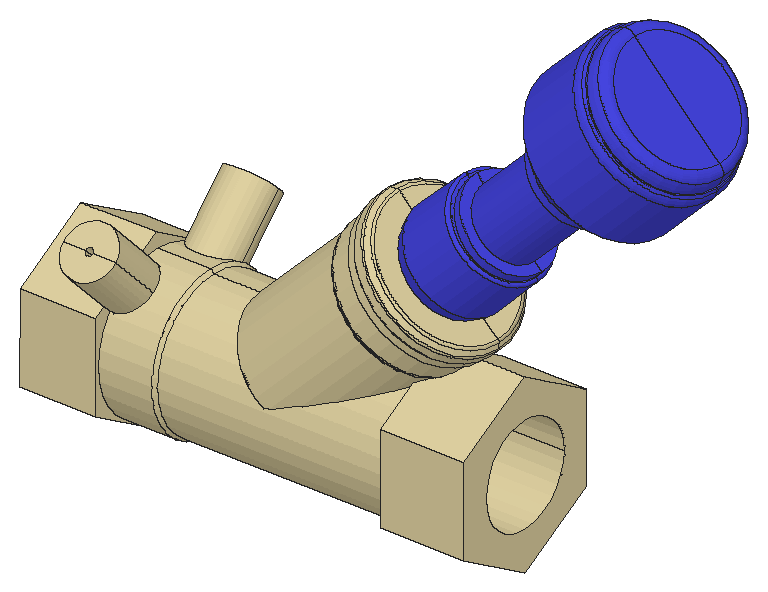
Revit family "DA02760000", category Apparecchi idraulici, Revit 2020
Family settings
  Quota connettore circolare = Usa diametro
  Tipo di parte = Normale
  Numero OmniClass = 23.45.00.00
  Titolo OmniClass = Sanitary, Laundry, and Cleaning Equipment
  Basato su piano di lavoro = No
  Sempre verticale = Sì
  Taglio con vuoti quando caricato = No
  Condiviso = No
  Punto di calcolo locali = No
Parameters
  URL = "https://web.cimberio.com/index.php/figura/664?subcategoria_id=20488"
  Temperatura di esercizio = "-10 ÷ 120°C"
  Prospetto di default = 0 mm
  Produttore = "CIMBERIO SPA"
  Pressione nominale = "PN 25"
  Modello = "Cim 745"
  Materiale = "Prodotto in lega di ottone “CR” – “DZR\" conforme alla norma EN 1982-CC770S"
  Descrizione = "Utilizzato nei più svariati settori dell'impiantistica: impianti di riscaldamento, condizionamento, idrici, igienico-sanitari e in generale con ogni fluido non corrosivo"
  DN Model [instance] = DA02761032 : DA02761032
  DN [instance] = 32 mm
  Commenti sul tipo = "Realizzato in ottemperanza ai requisiti gestionali della norma EN ISO 9001.\r\nCollaudato al 100% secondo la normativa EN 12266-1"
Reference planes
  plane 1 "Centro (Fronte/Retro)": y = 0
  plane 2: z = 0
  plane 3 "Centro (Sinistra/Destra)": x = 0
Dimensions and locks
  aligned and locked: level to plane 2
Nested families
  nested 1: "DA02761032" at (0, 0, 0), type <- "DN Model", type "DA02761032"
  nested 2: "DA02761032" at (0, 0, 0), type <- "DN Model", type "DA02761032"
  nested 3: "DA02761032" at (0, 0, 0), type <- "DN Model", type "DA02761032"
  nested 4: "DA02761032" at (0, 0, 0), type <- "DN Model", type "DA02761032"
  nested 5: "DA02761032" at (0, 0, 0), type <- "DN Model", type "DA02761032"
  nested 6: "DA02761032" at (0, 0, 0), type <- "DN Model", type "DA02761032"
Connectors
  piping at (72, 0, 0), diameter 32, driven by "DN"
    settings: on nested 1, index 1, connector inside diameter 609.6 mm, connector length 0 mm, flow factor 0, pipe flow 0.0 L/s, pressure drop 0.0 Pa, fitting loss kfactor 0, connector angle 0.00°, fixture units 0, engagement length 0 mm, angle of deflection 0.00°, flow configuration 0, flow direction 0, fitting loss method 0, system type 7, joint type 0, gender type 0, connector reference index -1, connector utility 0, adjustable connector no, is connector primary yes, connector description ""
  piping at (-72, 0, 0), diameter 32, driven by "DN"
    settings: on nested 1, index 2, connector inside diameter 609.6 mm, connector length 0 mm, flow factor 0, pipe flow 0.0 L/s, pressure drop 0.0 Pa, fitting loss kfactor 0, connector angle 0.00°, fixture units 0, engagement length 0 mm, angle of deflection 0.00°, flow configuration 0, flow direction 0, fitting loss method 0, system type 7, joint type 0, gender type 0, connector reference index -1, connector utility 0, adjustable connector no, is connector primary no, connector description ""
Definition of nested family "DA02761032"
  Parameters (values of type "DA02761032")
    URL = ""
    Temperatura di esercizio = ""
    Default Elevation = 0 mm
    Manufacturer = ""
    Pressione nominale = ""
    Model = ""
    Materiale = ""
    Description = ""
    Type Comments = ""
  Reference planes
    plane 1 "Centro (Fronte/Retro)": y = 0
    plane 2: z = 0
    plane 3 "Centro (Sinistra/Destra)": x = 0
  Forms (mm)
    Extrusion 1, solid
      sketch origin (0, 0, 0) x (0, 1, 0) y (0, 0, 1)
        loop
          circle (0, 0) r 16
        loop
          line (0, 28.5) -> (-24.682, 14.25) -> (-24.682, -14.25) -> (0, -28.5) -> (24.682, -14.25) -> (24.682, 14.25) -> (0, 28.5)
      from -72 to -47.402
    Revolve 2, solid
      sketch origin (0, 0, 0) x (1, 0, 0) y (0, 0, 1)
        loop
          line (-47.402, -16) -> (-47.402, -24) -> (-30, -24) -> (-29, -23) -> (44.804, -23) -> (44.804, -16) -> (-47.402, -16)
        axis (-47.402, 0) -> (44.804, 0)
      angle from 0 to 360
    Revolve 3, solid
      sketch origin (-9.951, 0, 4.75) x (0.999391, 0, 0.034899) y (-0.034899, 0, 0.999391)
        loop
          line (58.756, 45.412) -> (43.353, 61.93)
          arc (43.353, 61.93) -> (42.946, 62.199) -> (42.462, 62.254) r 1.044
          line (42.462, 62.254) -> (40.658, 62.317)
          arc (40.658, 62.317) -> (40.263, 62.204) -> (39.9, 62.011) r 1.971
          line (39.9, 62.011) -> (37.684, 59.944) -> (37.54, 59.126) -> (35.465, 57.192) -> (35.416, 55.778) -> (29.868, 50.605)
          arc (29.868, 50.605) -> (29.539, 50.009) -> (29.526, 49.328) r 1.423
          arc (29.526, 49.328) -> (29.416, 48.892) -> (29.128, 48.548) r 1.004
          line (29.128, 48.548) -> (-2.664, 18.901)
          arc (-2.664, 18.901) -> (-2.715, 16.223) -> (-1.869, 13.68) r 7.919
          line (-1.869, 13.68) -> (10.502, 0.414) -> (58.756, 45.412)
        axis (58.756, 45.412) -> (10.502, 0.414)
      angle from 0 to 360
    Revolve 4, solid
      sketch origin (10.169, 0, 28.227) x (0.996141, 0, 0.087762) y (-0.087762, 0, 0.996141)
        loop
          arc (103.336, 104.286) -> (101.361, 103.54) -> (99.587, 102.397) r 10
          line (99.587, 102.397) -> (114.852, 84.204) -> (119.295, 87.933) -> (106.786, 102.84)
          arc (106.786, 102.84) -> (105.283, 104.094) -> (103.336, 104.286) r 3.329
        axis (114.852, 84.204) -> (119.295, 87.933)
      angle from 0 to 360
    Revolve 5, solid
      sketch origin (10.318, 0, 28.078) x (0.996141, 0, 0.087762) y (-0.087762, 0, 0.996141)
        loop
          line (110.298, 89.632) -> (99.425, 102.59)
          arc (99.425, 102.59) -> (98.914, 102.558) -> (98.404, 102.517) r 30
          arc (98.404, 102.517) -> (96.935, 102.147) -> (95.643, 101.356) r 5.027
          line (95.643, 101.356) -> (78.324, 86.843) -> (75.487, 70.756) -> (73.419, 69.02) -> (75.54, 66.492) -> (52.553, 47.203) -> (50.432, 49.731) -> (48.138, 47.807) -> (53.222, 41.74) -> (110.298, 89.632)
        axis (57.777, 36.312) -> (114.852, 84.204)
      angle from 0 to 360
    Revolve 6, solid
      sketch origin (2.826, 0, 21.544) x (0.996589, 0, 0.08252) y (-0.08252, 0, 0.996589)
        loop
          arc (55.371, 54.748) -> (54.7, 55.101) -> (53.975, 54.882) r 1
          line (53.975, 54.882) -> (39.198, 42.916) -> (36.712, 38.869) -> (46.674, 26.996) -> (65.443, 42.745) -> (55.371, 54.748)
        axis (46.674, 26.996) -> (65.443, 42.745)
      angle from 0 to 360
    Revolve 7, solid
      sketch origin (-10.907, 0.885, 6.695) x (1, 0, 0) y (0, 0.700371, 0.713779)
        loop
          line (-36.5, 39.105) -> (-36.5, -4.489) -> (-29.198, -4.489) -> (-29.198, 39.105) -> (-36.5, 39.105)
        axis (-28, 39.105) -> (-28, -4.489)
      angle from 0 to 360
    Revolve 8, solid
      sketch origin (-18.755, -0.026, 6.695) x (1, 0, 0) y (0, 0.700371, -0.713779)
        loop
          line (-36.5, -39.96) -> (-29.198, -39.96) -> (-29.198, 4.776) -> (-36.5, 4.776) -> (-36.5, -39.96)
        axis (-28, -39.96) -> (-28, 4.776)
      angle from 0 to 360
    Extrusion 9, solid
      sketch origin (0, 0, 0) x (0, 1, 0) y (0, 0, -1)
        loop
          circle (0, 0) r 16
        loop
          line (0, -28.5) -> (24.682, -14.25) -> (24.682, 14.25) -> (0, 28.5) -> (-24.682, 14.25) -> (-24.682, -14.25) -> (0, -28.5)
      from -72 to -44.804
  Dimensions and locks
    aligned and locked: level to plane 2
